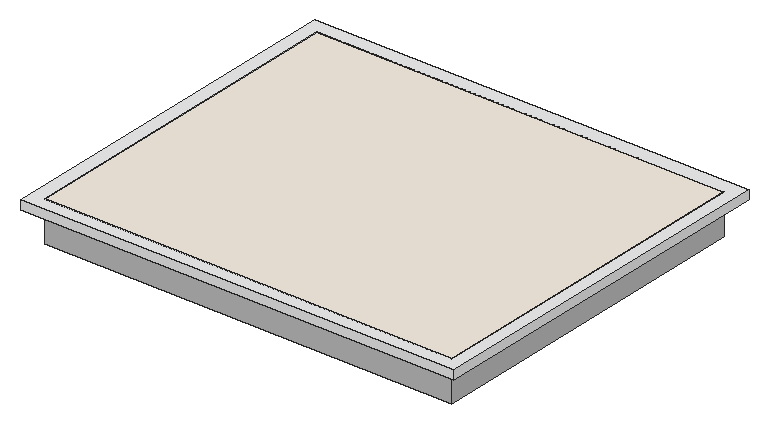
Revit family "Lighting-Industriale-GEWISS-ELIA-HL-LED_RIFLETTORE", category Apparecchi per illuminazione, host Superficie, Revit 2019 (continued)
Types (12, lengths in mm): name | Tensione | Scheda Tecnica | Potenza di sistema | Peso (kg): | Peso (kg) | Ottica | built-in parameter 1150142 | Lumen output (lm) | Modello | IDT | File diagramma fotometrico | Description
    40.11 13494.38 \r\n13445.96 13390.82 13332.98 13269.77 13201.17 13127.20 \r\n13046.50 12959.07 12864.92 12761.36 12651.07 12531.36 \r\n12402.24 12263.71 12114.41 11957.05 11790.27 11615.42 \r\n11428.46 11232.09 11023.62 10801.69 10562.28 10298.66 \r\n10021.59 9747.21 9471.49 9193.07 8917.35 8647.00 8382.04 \r\n8118.42 7862.87 7616.73 7381.36 7156.74 6938.85 6727.69 \r\n6520.56 6317.46 6119.75 5935.48 5757.94 5585.78 5416.31 \r\n5246.85 5077.38 4917.32 4761.30 4609.31 4461.36 4316.10 \r\n4177.57 4040.38 3909.91 3783.49 3659.74 3537.35 3414.95 \r\n3295.25 3178.24 3057.18 2937.48 2823.15 2711.52 2602.31 \r\n2494.97 2388.99 2286.37 2188.72 2096.72 2011.85 1932.50 \r\n1858.79 1788.98 1722.27 1657.85 1595.04 1533.03 1469.55 \r\n1406.60 1345.40 1285.42 1226.24 1168.40 1112.58 1059.05 \r\n1008.88 960.87 913.39 867.39 823.01 781.31 744.59 710.03 \r\n675.86 642.24 607.00 572.30 540.82 510.29 480.03 450.98 \r\n423.54 397.72 374.58 353.33 333.16 313.38 292.40 271.42 \r\n250.95 231.00 211.57 192.95 175.58 159.14 143.54 128.62 \r\n114.16 100.22 86.62 73.72 61.79 50.71 40.31 30.83 22.30 \r\n15.17 9.94 6.44 4.68 4.67 \r\n13471.52 13472.86 13474.21 13478.24 13482.28 13487.66 \r\n13494.38 13502.45 13510.52 13519.94 13532.04 13542.80 \r\n13554.91 13568.36 13581.81 13596.60 13611.40 13627.54 \r\n13642.33 13658.47 13674.61 13690.75 13705.55 13721.69 \r\n13736.48 13749.93 13763.38 13774.14 13784.90 13794.32 \r\n13801.04 13806.42 13807.77 13809.11 13807.77 13803.73 \r\n13797.01 13788.94 13775.49 13759.35 13739.17 13714.96 \r\n13689.41 13657.13 13623.50 13585.84 13545.49 13499.76 \r\n13450.00 13397.54 13339.71 13276.49 13207.90 13135.27 \r\n13054.57 12968.49 12874.34 12772.12 12661.83 12543.47 \r\n12415.69 12277.16 12129.21 11973.19 11807.75 11634.25 \r\n11448.64 11252.27 11043.79 10823.21 10583.80 10318.84 \r\n10041.77 9764.70 9487.63 9209.21 8934.83 8665.83 8400.87 \r\n8133.21 7873.63 7626.15 7388.08 7159.43 6940.20 6727.69 \r\n6519.21 6314.77 6118.40 5934.14 5757.94 5585.78 5416.31 \r\n5245.50 5078.72 4917.32 4761.30 4609.31 4462.71 4318.80 \r\n4177.57 4041.72 3909.91 3784.83 3662.43 3538.70 3416.30 \r\n3296.59 3176.89 3057.18 2936.14 2821.81 2711.52 2601.77 \r\n2494.44 2388.05 2284.89 2186.70 2094.16 2008.49 1928.73 \r\n1854.49 1784.55 1717.70 1653.27 1590.46 1528.46 1465.24 \r\n1402.30 1340.96 1280.98 1221.93 1164.23 1108.28 1054.48 \r\n1004.58 956.70 909.62 864.03 819.64 777.81 740.96 706.66 \r\n672.90 639.28 604.17 569.74 538.27 508.14 478.28 449.36 \r\n422.06 396.51 373.24 351.58 331.41 311.64 290.79 269.94 \r\n249.97 230.41 211.15 192.60 175.24 158.82 143.30 128.46 \r\n114.04 100.14 86.60 73.77 61.88 50.77 40.34 30.80 22.28 \r\n15.15 9.93 6.44 4.69 4.67 \r\n13471.52 13472.86 13474.21 13478.24 13482.28 13486.31 \r\n13494.38 13501.11 13510.52 13521.28 13530.70 13541.46 \r\n13554.91 13567.01 13581.81 13595.26 13611.40 13626.19 \r\n13640.99 13657.13 13673.27 13688.06 13705.55 13720.34 \r\n13736.48 13749.93 13762.04 13774.14 13784.90 13792.97 \r\n13801.04 13806.42 13809.11 13809.11 13809.11 13805.08 \r\n13798.35 13788.94 13778.18 13762.04 13741.86 13719.00 \r\n13693.44 13661.16 13627.54 13591.22 13549.53 13505.14 \r\n13456.72 13404.27 13346.43 13284.56 13217.31 13143.34 \r\n13065.33 12977.90 12883.75 12782.88 12672.59 12555.57 \r\n12429.14 12291.95 12144.00 11990.67 11826.58 11653.08 \r\n11468.81 11273.79 11065.31 10846.08 10608.01 10343.05 \r\n10064.63 9786.22 9505.11 9226.70 8952.32 8684.66 8419.70 \r\n8149.35 7885.73 7635.56 7394.81 7163.47 6941.54 6726.34 \r\n6517.87 6313.43 6117.06 5934.14 5757.94 5585.78 5416.31 \r\n5245.50 5078.72 4917.32 4759.95 4609.31 4462.71 4320.14 \r\n4178.91 4041.72 3909.91 3784.83 3661.09 3538.70 3416.30 \r\n3296.59 3178.24 3055.84 2934.79 2820.46 2710.17 2600.15 \r\n2492.96 2386.30 2282.60 2184.01 2090.80 2004.45 1924.02 \r\n1849.51 1779.43 1712.45 1648.03 1585.35 1523.35 1460.27 \r\n1397.45 1336.26 1276.00 1217.22 1159.79 1103.57 1049.64 \r\n999.74 952.13 905.59 860.40 816.01 774.18 737.60 703.30 \r\n669.81 636.32 601.22 566.78 535.58 505.85 476.26 447.75 \r\n420.58 395.16 371.62 349.70 329.52 309.89 289.18 268.68 \r\n249.07 229.87 210.76 192.29 174.96 158.55 143.09 128.33 \r\n113.93 100.03 86.58 73.77 61.91 50.83 40.35 30.77 22.24 \r\n15.13 9.91 6.44 4.69 4.67 \r\n13471.52 13472.86 13475.55 13478.24 13482.28 13487.66 \r\n13493.04 13501.11 13510.52 13519.94 13530.70 13541.46 \r\n13553.56 13567.01 13580.46 13593.91 13610.05 13626.19 \r\n13640.99 13657.13 13673.27 13688.06 13704.20 13719.00 \r\n13733.79 13748.59 13760.69 13772.80 13783.56 13792.97 \r\n13801.04 13805.08 13809.11 13810.46 13810.46 13805.08 \r\n13799.70 13791.63 13780.87 13764.73 13745.90 13723.03 \r\n13696.13 13666.54 13634.26 13595.26 13556.25 13511.87 \r\n13464.79 13412.34 13355.85 13292.63 13225.38 13152.75 \r\n13074.74 12988.66 12894.51 12794.98 12687.38 12570.37 \r\n12443.94 12308.09 12162.83 12008.16 11845.41 11673.25 \r\n11490.33 11295.31 11089.52 10870.29 10633.57 10368.60 \r\n10090.19 9809.08 9526.63 9246.87 8971.15 8704.84 8437.18 \r\n8165.49 7899.18 7644.98 7401.53 7168.85 6944.23 6726.34 \r\n6517.87 6313.43 6118.40 5935.48 5757.94 5585.78 5414.97 \r\n5245.50 5078.72 4915.97 4759.95 4609.31 4462.71 4318.80 \r\n4178.91 4041.72 3908.57 3782.14 3659.74 3537.35 3414.95 \r\n3295.25 3175.54 3053.15 2932.10 2819.12 2707.08 2597.60 \r\n2490.40 2383.61 2279.78 2180.65 2086.77 1999.88 1918.91 \r\n1843.99 1773.79 1706.81 1642.51 1579.97 1518.10 1455.16 \r\n1392.75 1331.28 1271.02 1212.25 1155.09 1098.73 1044.66 \r\n994.90 947.42 901.28 856.63 812.38 770.68 734.10 699.94 \r\n666.45 633.23 598.12 564.09 532.89 503.43 474.25 446.00 \r\n419.10 393.68 370.14 348.09 327.78 308.27 287.83 267.56 \r\n248.26 229.36 210.41 192.01 174.72 158.32 142.91 128.18 \r\n113.80 99.91 86.48 73.76 61.92 50.84 40.32 30.72 22.19 \r\n15.09 9.90 6.44 4.69 4.66 \r\n13471.52 13472.86 13475.55 13478.24 13482.28 13487.66 \r\n13493.04 13501.11 13510.52 13519.94 13529.35 13540.11 \r\n13553.56 13567.01 13580.46 13593.91 13608.71 13624.85 \r\n13640.99 13655.78 13671.92 13686.72 13702.86 13717.65 \r\n13733.79 13748.59 13760.69 13772.80 13783.56 13794.32 \r\n13801.04 13806.42 13810.46 13811.80 13811.80 13809.11 \r\n13803.73 13794.32 13782.21 13768.76 13749.93 13728.41 \r\n13701.51 13671.92 13639.64 13603.33 13562.98 13519.94 \r\n13472.86 13421.75 13363.92 13303.39 13237.49 13166.20 \r\n13088.19 13002.11 12909.31 12811.12 12703.52 12587.85 \r\n12462.77 12326.92 12181.66 12029.68 11868.28 11696.12 \r\n11513.20 11319.52 11115.08 10897.19 10661.81 10399.54 \r\n10121.12 9837.33 9553.53 9271.08 8994.01 8722.32 8451.98 \r\n8178.94 7911.29 7657.08 7412.29 7176.92 6949.61 6733.07 \r\n6521.90 6318.81 6123.78 5939.52 5759.29 5584.44 5412.28 \r\n5242.81 5076.03 4913.28 4754.57 4605.28 4457.33 4313.41 \r\n4173.53 4035.00 3901.85 3775.41 3651.67 3527.93 3406.88 \r\n3285.84 3167.47 3046.42 2925.38 2811.05 2700.22 2591.81 \r\n2485.29 2379.57 2276.41 2176.88 2082.33 1994.90 1913.67 \r\n1838.75 1768.67 1701.96 1637.94 1575.94 1514.47 1451.79 \r\n1389.52 1328.32 1268.47 1209.56 1152.13 1095.91 1042.24 \r\n992.21 944.59 898.46 854.07 810.09 768.67 731.95 697.52 \r\n664.03 630.67 595.83 562.08 531.14 501.68 472.50 444.66 \r\n417.89 392.47 369.07 347.01 326.97 307.33 287.43 267.45 \r\n248.10 229.08 210.14 191.82 174.61 158.29 142.85 128.06 \r\n113.63 99.69 86.25 73.52 61.68 50.59 40.12 30.59 22.07 \r\n14.99 9.86 6.45 4.71 4.65 \r\n13471.52 13472.86 13475.55 13478.24 13482.28 13487.66 \r\n13493.04 13501.11 13509.18 13519.94 13529.35 13540.11 \r\n13553.56 13565.67 13579.12 13592.57 13608.71 13623.50 \r\n13639.64 13655.78 13671.92 13686.72 13701.51 13717.65 \r\n13732.45 13747.24 13760.69 13771.45 13782.21 13792.97 \r\n13801.04 13807.77 13811.80 13814.49 13813.15 13810.46 \r\n13805.08 13797.01 13786.25 13772.80 13753.97 13732.45 \r\n13706.89 13678.65 13646.37 13610.05 13571.05 13528.01 \r\n13480.93 13429.82 13374.68 13314.15 13248.25 13178.31 \r\n13100.30 13016.91 12925.45 12827.26 12721.01 12605.34 \r\n12481.60 12347.10 12204.53 12051.20 11889.80 11717.64 \r\n11537.41 11343.73 11140.63 10925.43 10692.75 10431.82 \r\n10154.75 9869.61 9581.78 9297.98 9015.53 8739.81 8466.77 \r\n8192.39 7924.74 7670.53 7423.05 7184.99 6956.34 6738.45 \r\n6528.63 6325.53 6130.51 5943.55 5761.98 5584.44 5409.59 \r\n5240.12 5071.99 4909.25 4751.89 4599.90 4451.95 4306.69 \r\n4165.46 4028.27 3895.12 3766.00 3642.26 3518.52 3397.47 \r\n3276.42 3158.06 3038.36 2918.65 2802.98 2693.50 2584.96 \r\n2479.24 2374.73 2272.38 2172.58 2077.49 1989.79 1908.29 \r\n1833.50 1763.43 1697.12 1633.50 1571.77 1510.70 1448.30 \r\n1386.29 1325.63 1266.05 1206.87 1149.17 1093.48 1040.09 \r\n989.79 941.77 895.77 851.52 808.08 766.92 729.93 695.23 \r\n661.47 628.12 593.68 560.06 529.26 499.94 471.02 443.18 \r\n416.68 391.53 368.13 346.20 326.03 306.66 287.02 267.51 \r\n248.03 228.81 209.89 191.64 174.53 158.27 142.79 127.92 \r\n113.44 99.46 86.00 73.22 61.37 50.30 39.89 30.41 21.94 \r\n14.89 9.82 6.46 4.72 4.65 \r\n13471.52 13472.86 13475.55 13478.24 13482.28 13487.66 \r\n13493.04 13501.11 13509.18 13518.59 13529.35 13540.11 \r\n13552.22 13565.67 13579.12 13592.57 13607.36 13623.50 \r\n13639.64 13654.44 13670.58 13685.37 13701.51 13716.31 \r\n13731.10 13745.90 13759.35 13771.45 13782.21 13792.97 \r\n13801.04 13807.77 13814.49 13815.84 13815.84 13813.15 \r\n13809.11 13801.04 13790.28 13774.14 13758.00 13736.48 \r\n13710.93 13684.03 13653.09 13618.12 13579.12 13536.08 \r\n13491.69 13440.58 13385.44 13326.26 13261.70 13191.76 \r\n13113.75 13031.70 12941.59 12844.75 12738.49 12625.51 \r\n12501.77 12368.62 12226.05 12075.41 11914.01 11741.85 \r\n11560.27 11370.63 11168.88 10955.02 10722.34 10465.44 \r\n10189.72 9903.23 9611.37 9324.88 9039.74 8758.64 8480.22 \r\n8207.19 7939.53 7683.98 7436.50 7195.75 6963.06 6745.17 \r\n6536.70 6333.60 6137.23 5948.93 5763.32 5584.44 5408.24 \r\n5236.09 5069.30 4905.21 4746.50 4593.18 4445.22 4299.96 \r\n4158.74 4021.55 3887.05 3756.59 3631.50 3507.76 3385.36 \r\n3267.01 3148.64 3027.59 2910.58 2796.26 2685.29 2577.83 \r\n2472.78 2369.35 2267.94 2168.01 2072.38 1984.41 1902.77 \r\n1827.99 1758.18 1692.14 1628.93 1567.60 1507.07 1444.93 \r\n1383.06 1322.94 1263.63 1204.31 1146.48 1090.93 1037.94 \r\n987.36 939.21 893.21 849.10 806.06 765.30 728.18 693.21 \r\n659.18 625.69 591.53 558.31 527.64 498.32 469.54 441.70 \r\n415.34 390.45 367.19 345.40 325.22 306.12 286.89 267.64 \r\n248.02 228.56 209.65 191.49 174.47 158.28 142.73 127.77 \r\n113.22 99.21 85.72 72.91 61.05 49.98 39.65 30.25 21.80 \r\n14.79 9.78 6.47 4.75 4.64 \r\n13471.52 13472.86 13475.55 13478.24 13482.28 13487.66 \r\n13493.04 13501.11 13509.18 13518.59 13529.35 13540.11 \r\n13552.22 13565.67 13579.12 13592.57 13606.02 13623.50 \r\n13638.30 13654.44 13670.58 13685.37 13700.17 13716.31 \r\n13731.10 13744.55 13759.35 13770.11 13782.21 13792.97 \r\n13801.04 13809.11 13814.49 13818.53 13818.53 13815.84 \r\n13810.46 13802.39 13791.63 13778.18 13762.04 13741.86 \r\n13717.65 13690.75 13658.47 13624.85 13587.19 13545.49 \r\n13499.76 13451.34 13396.20 13337.02 13273.80 13203.86 \r\n13128.54 13046.50 12957.73 12860.89 12757.32 12644.34 \r\n12521.95 12391.48 12248.91 12099.62 11938.22 11767.40 \r\n11587.17 11396.18 11194.43 10983.27 10754.62 10499.07 \r\n10224.69 9936.86 9642.30 9353.13 9065.30 8777.47 8497.71 \r\n8221.98 7954.33 7697.43 7447.26 7205.16 6971.13 6753.24 \r\n6543.42 6341.67 6146.65 5954.31 5766.01 5583.10 5405.55 \r\n5233.40 5065.27 4901.18 4741.13 4587.80 4438.50 4291.90 \r\n4150.67 4013.48 3878.98 3748.51 3620.74 3495.65 3374.61 \r\n3256.24 3137.88 3019.52 2901.16 2788.18 2677.22 2570.29 \r\n2465.92 2363.70 2263.10 2163.03 2067.13 1979.03 1897.39 \r\n1822.61 1752.94 1687.17 1624.49 1563.56 1503.44 1441.57 \r\n1379.84 1320.25 1261.21 1201.76 1143.52 1088.51 1035.92 \r\n985.21 936.66 890.66 846.54 804.04 763.83 726.57 691.20 \r\n656.90 623.41 589.51 556.70 526.03 496.84 468.06 440.22 \r\n414.13 389.51 366.38 344.72 324.68 305.58 286.75 267.83 \r\n247.99 228.26 209.39 191.31 174.42 158.28 142.68 127.63 \r\n113.02 98.95 85.42 72.59 60.70 49.66 39.38 30.07 21.67 \r\n14.70 9.75 6.49 4.77 4.63 \r\n13471.52 13472.86 13475.55 13478.24 13482.28 13487.66 \r\n13493.04 13501.11 13509.18 13518.59 13529.35 13540.11 \r\n13552.22 13565.67 13579.12 13592.57 13606.02 13620.81 \r\n13638.30 13654.44 13669.23 13685.37 13700.17 13714.96 \r\n13729.76 13744.55 13758.00 13770.11 13782.21 13792.97 \r\n13801.04 13810.46 13815.84 13819.87 13819.87 13818.53 \r\n13813.15 13806.42 13795.66 13782.21 13764.73 13745.90 \r\n13723.03 13696.13 13665.20 13632.92 13595.26 13553.56 \r\n13510.52 13459.41 13406.96 13350.47 13285.91 13217.31 \r\n13141.99 13062.64 12975.21 12879.72 12776.15 12664.52 \r\n12542.12 12413.00 12271.78 12122.48 11962.43 11791.61 \r\n11611.38 11423.08 11224.02 11012.86 10785.55 10532.69 \r\n10261.00 9971.83 9674.58 9381.37 9089.51 8798.99 8512.50 \r\n8236.78 7969.12 7710.88 7460.71 7214.58 6979.20 6761.31 \r\n6552.84 6349.74 6153.38 5958.35 5768.70 5583.10 5404.21 \r\n5230.70 5061.23 4897.15 4735.74 4581.07 4430.43 4283.82 \r\n4141.25 4005.41 3870.91 3737.75 3608.63 3484.89 3363.84 \r\n3244.14 3128.47 3010.11 2893.09 2780.11 2669.56 2562.76 \r\n2458.93 2357.65 2257.99 2157.92 2062.02 1973.79 1892.01 \r\n1817.36 1747.96 1682.46 1619.92 1559.53 1499.67 1438.07 \r\n1376.74 1317.29 1258.65 1198.93 1140.56 1086.09 1034.04 \r\n983.06 934.24 888.10 844.26 802.29 762.35 725.09 689.31 \r\n654.75 621.26 587.63 555.22 524.82 495.50 466.72 439.01 \r\n413.05 388.57 365.57 344.05 324.01 305.05 286.62 267.95 \r\n247.92 227.94 209.09 191.14 174.33 158.25 142.58 127.44 \r\n112.79 98.68 85.11 72.27 60.35 49.33 39.14 29.91 21.56 \r\n14.61 9.73 6.52 4.80 4.63 \r\n13471.52 13472.86 13475.55 13478.24 13482.28 13487.66 \r\n13493.04 13501.11 13509.18 13518.59 13528.01 13538.77 \r\n13552.22 13564.32 13577.77 13591.22 13604.67 13620.81 \r\n13635.61 13653.09 13669.23 13684.03 13698.82 13714.96 \r\n13728.41 13743.21 13756.66 13770.11 13780.87 13792.97 \r\n13802.39 13810.46 13817.18 13819.87 13822.56 13821.22 \r\n13815.84 13809.11 13798.35 13784.90 13770.11 13751.28 \r\n13727.07 13701.51 13671.92 13639.64 13601.98 13561.63 \r\n13518.59 13470.17 13417.72 13361.23 13299.36 13230.76 \r\n13156.79 13077.43 12991.35 12897.20 12794.98 12684.69 \r\n12563.64 12434.52 12295.99 12145.35 11986.64 11815.82 \r\n11636.94 11449.98 11250.92 11041.10 10817.83 10566.32 \r\n10297.32 10006.80 9708.21 9410.96 9115.06 8820.51 8531.33 \r\n8254.26 7986.61 7725.68 7472.82 7225.34 6988.62 6769.38 \r\n6560.91 6357.81 6160.10 5963.73 5772.74 5584.44 5402.86 \r\n5226.67 5057.20 4891.76 4731.71 4575.69 4422.36 4275.75 \r\n4133.18 3995.99 3862.84 3728.34 3599.22 3474.13 3351.74 \r\n3234.72 3119.05 3002.04 2886.37 2773.39 2662.43 2555.63 \r\n2452.07 2351.33 2252.47 2152.81 2056.64 1968.54 1886.90 \r\n1812.39 1743.12 1677.75 1615.48 1555.36 1495.91 1434.44 \r\n1373.24 1314.33 1255.96 1196.11 1137.74 1083.94 1032.29 \r\n981.18 931.82 885.68 841.84 800.41 761.14 723.48 687.56 \r\n652.86 619.10 585.88 553.74 523.47 494.42 465.37 437.66 \r\n411.84 387.76 364.90 343.51 323.61 304.78 286.49 268.05 \r\n247.76 227.55 208.77 190.95 174.22 158.19 142.48 127.24 \r\n112.55 98.43 84.82 71.97 60.04 49.03 38.91 29.76 21.46 \r\n14.55 9.72 6.55 4.83 4.63 \r\n13471.52 13472.86 13475.55 13478.24 13482.28 13487.66 \r\n13493.04 13501.11 13509.18 13518.59 13528.01 13538.77 \r\n13550.87 13562.98 13577.77 13591.22 13604.67 13619.47 \r\n13635.61 13651.75 13667.89 13682.68 13698.82 13713.62 \r\n13727.07 13741.86 13755.31 13768.76 13780.87 13791.63 \r\n13802.39 13810.46 13817.18 13821.22 13822.56 13822.56 \r\n13818.53 13811.80 13801.04 13788.94 13772.80 13753.97 \r\n13732.45 13706.89 13678.65 13646.37 13610.05 13571.05 \r\n13526.66 13478.24 13425.79 13370.64 13308.77 13241.52 \r\n13168.89 13090.88 13006.15 12913.34 12811.12 12702.18 \r\n12582.47 12454.70 12317.51 12168.21 12009.50 11841.38 \r\n11661.15 11475.54 11277.82 11070.69 10846.08 10598.60 \r\n10329.60 10039.08 9737.80 9440.55 9144.65 8848.75 8555.54 \r\n8274.44 8002.75 7740.47 7486.27 7236.10 6996.69 6774.76 \r\n6564.94 6361.85 6164.14 5969.11 5778.12 5588.47 5404.21 \r\n5225.32 5054.51 4889.07 4727.68 4570.31 4416.98 4269.03 \r\n4125.11 3987.92 3854.77 3721.61 3591.15 3466.06 3345.01 \r\n3229.34 3112.33 2998.01 2882.34 2769.36 2658.53 2550.79 \r\n2445.88 2344.60 2245.48 2146.62 2051.80 1964.24 1882.60 \r\n1808.08 1738.82 1673.45 1611.18 1550.78 1491.34 1430.00 \r\n1369.08 1310.30 1251.93 1192.21 1134.10 1080.98 1030.14 \r\n978.76 929.26 882.86 839.01 798.26 759.39 722.13 686.08 \r\n651.11 617.35 584.40 552.79 522.67 493.48 464.16 43
